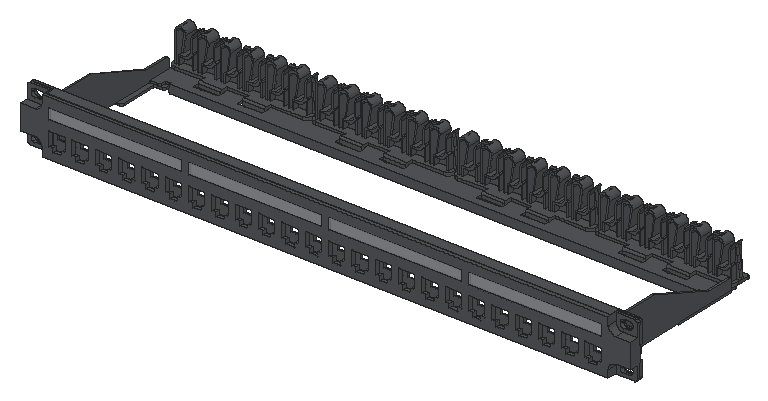
Revit family "Patch panel", category Equipement spécialisé, Revit 2020 (continued)
Automatic sketch dimensions
  plane 492 to Extrusion 138 sketch curve = 2.8 mm
  Extrusion 138 sketch curve to plane 12 = 2.575 mm  (x2)
  Extrusion 138 sketch curve to Extrusion 138 sketch curve = 2.34 mm
  Extrusion 138 sketch curve to Extrusion 138 sketch curve = 0 mm  (x2)
  Extrusion 138 sketch curve to Extrusion 138 sketch curve = 1.215 mm
  Extrusion 138 sketch curve to plane 28 = 0.25 mm
  plane 44 to Extrusion 138 sketch curve = 3.067 mm
  Extrusion 138 sketch curve to Extrusion 138 sketch curve = 1.628 mm
  plane 44 to Extrusion 139 sketch curve = 3.439 mm
  Extrusion 139 sketch curve to plane 484 = 17.06 mm
  plane 11 to Extrusion 139 sketch curve = 0.356 mm
  Extrusion 139 sketch curve to Extrusion 139 sketch curve = 2.249 mm
  Extrusion 139 sketch curve to Extrusion 139 sketch curve = 0.291 mm
  Extrusion 139 sketch curve to plane 28 = 1.718 mm
  Extrusion 139 sketch curve to Extrusion 139 sketch curve = 0.591 mm
  Extrusion 139 sketch curve to Extrusion 139 sketch curve = 2.84 mm
  Extrusion 139 sketch curve to plane 28 = 0.95 mm
  Extrusion 139 sketch curve to Extrusion 139 sketch curve = 0.36 mm
  Extrusion 139 sketch curve to plane 28 = 0.25 mm  (x2)
  Extrusion 139 sketch curve to Extrusion 139 sketch curve = 0.84 mm
  Extrusion 139 sketch curve to Extrusion 139 sketch curve = 1.2 mm  (x2)
  Extrusion 139 sketch curve to Extrusion 139 sketch curve = 0.3 mm
  plane 27 to Extrusion 139 sketch curve = 0.225 mm
  Extrusion 139 sketch curve to Extrusion 139 sketch curve = 5.7 mm
  Extrusion 139 sketch curve to plane 12 = 2.575 mm  (x2)
  Extrusion 139 sketch curve to Extrusion 139 sketch curve = 3.8 mm
  plane 27 to Extrusion 139 sketch curve = 0.425 mm
  Extrusion 139 sketch curve to Extrusion 139 sketch curve = 1.535 mm
  Extrusion 139 sketch curve to Extrusion 139 sketch curve = 0 mm
  Extrusion 139 sketch curve to Extrusion 139 sketch curve = 1.215 mm
  plane 44 to Extrusion 139 sketch curve = 2.017 mm
  Extrusion 139 sketch curve to Extrusion 139 sketch curve = 1.628 mm
  plane 27 to Extrusion 140 sketch curve = 0.425 mm
  Extrusion 140 sketch curve to Extrusion 140 sketch curve = 1.76 mm
  plane 27 to Extrusion 140 sketch curve = 0.225 mm
  Extrusion 140 sketch curve to Extrusion 140 sketch curve = 1.2 mm  (x2)
  Extrusion 140 sketch curve to plane 28 = 0.25 mm  (x2)
  Extrusion 140 sketch curve to Extrusion 140 sketch curve = 3.8 mm
  Extrusion 140 sketch curve to plane 484 = 3.4 mm
  Extrusion 140 sketch curve to plane 484 = 3.1 mm  (x2)
  Extrusion 140 sketch curve to Extrusion 140 sketch curve = 0.2 mm
  Extrusion 140 sketch curve to plane 28 = 0.95 mm
  Extrusion 140 sketch curve to Extrusion 140 sketch curve = 0.64 mm
  Extrusion 140 sketch curve to plane 484 = 1.9 mm
  Extrusion 140 sketch curve to Extrusion 140 sketch curve = 0.3 mm
  plane 11 to Extrusion 140 sketch curve = 0.356 mm
  Extrusion 140 sketch curve to Extrusion 140 sketch curve = 0.291 mm
  plane 484 to Extrusion 140 sketch curve = 0.94 mm
  Extrusion 140 sketch curve to plane 12 = 2.575 mm
  Extrusion 140 sketch curve to Extrusion 140 sketch curve = 0 mm  (x2)
  Extrusion 140 sketch curve to Extrusion 140 sketch curve = 1.215 mm
  plane 44 to Extrusion 140 sketch curve = 2.017 mm
  plane 44 to Extrusion 140 sketch curve = 3.439 mm
  Extrusion 140 sketch curve to Extrusion 140 sketch curve = 1.628 mm
  plane 44 to Extrusion 141 sketch curve = 3.439 mm
  Extrusion 141 sketch curve to plane 243 = 8.192 mm
  plane 11 to Extrusion 141 sketch curve = 0.356 mm
  Extrusion 141 sketch curve to Extrusion 141 sketch curve = 2.249 mm
  Extrusion 141 sketch curve to Extrusion 141 sketch curve = 0.291 mm
  Extrusion 141 sketch curve to plane 28 = 1.718 mm
  Extrusion 141 sketch curve to Extrusion 141 sketch curve = 0.591 mm
  Extrusion 141 sketch curve to Extrusion 141 sketch curve = 2.84 mm
  Extrusion 141 sketch curve to plane 28 = 0.95 mm
  Extrusion 141 sketch curve to Extrusion 141 sketch curve = 0.36 mm
  Extrusion 141 sketch curve to plane 28 = 0.25 mm  (x2)
  Extrusion 141 sketch curve to Extrusion 141 sketch curve = 0.84 mm
  Extrusion 141 sketch curve to Extrusion 141 sketch curve = 1.2 mm  (x2)
  Extrusion 141 sketch curve to Extrusion 141 sketch curve = 0.3 mm
  plane 27 to Extrusion 141 sketch curve = 0.225 mm
  Extrusion 141 sketch curve to Extrusion 141 sketch curve = 5.7 mm
  plane 484 to Extrusion 141 sketch curve = 5.1 mm
  plane 27 to Extrusion 141 sketch curve = 0.425 mm
  Extrusion 141 sketch curve to Extrusion 141 sketch curve = 1.76 mm
  Extrusion 141 sketch curve to plane 12 = 2.575 mm
  Extrusion 141 sketch curve to Extrusion 141 sketch curve = 0 mm  (x2)
  Extrusion 141 sketch curve to Extrusion 141 sketch curve = 1.215 mm
  plane 44 to Extrusion 141 sketch curve = 2.017 mm
  Extrusion 141 sketch curve to Extrusion 141 sketch curve = 1.628 mm
  plane 27 to Extrusion 142 sketch curve = 0.425 mm
  Extrusion 142 sketch curve to Extrusion 142 sketch curve = 1.76 mm
  plane 27 to Extrusion 142 sketch curve = 0.225 mm
  Extrusion 142 sketch curve to Extrusion 142 sketch curve = 1.2 mm  (x3)
  Extrusion 142 sketch curve to plane 243 = 0.232 mm
  plane 243 to Extrusion 142 sketch curve = 5.468 mm
  Extrusion 142 sketch curve to plane 12 = 2.575 mm  (x2)
  plane 243 to Extrusion 142 sketch curve = 5.768 mm  (x2)
  plane 44 to Extrusion 142 sketch curve = 2.017 mm
  Extrusion 142 sketch curve to Extrusion 142 sketch curve = 0.2 mm
  Extrusion 142 sketch curve to plane 28 = 0.95 mm
  Extrusion 142 sketch curve to Extrusion 142 sketch curve = 0.64 mm
  Extrusion 142 sketch curve to Extrusion 142 sketch curve = 0.3 mm
  plane 11 to Extrusion 142 sketch curve = 0.356 mm
  Extrusion 142 sketch curve to Extrusion 142 sketch curve = 0.291 mm
  Extrusion 142 sketch curve to plane 39 = 2.425 mm
  Extrusion 142 sketch curve to Extrusion 142 sketch curve = 0 mm
  Extrusion 142 sketch curve to Extrusion 142 sketch curve = 1.215 mm
  Extrusion 142 sketch curve to plane 28 = 0.25 mm  (x2)
  plane 44 to Extrusion 142 sketch curve = 3.439 mm
  Extrusion 142 sketch curve to Extrusion 142 sketch curve = 1.628 mm
  Extrusion 143 sketch curve to plane 14 = 0.4 mm
  Extrusion 143 sketch curve to plane 38 = 2.065 mm
  Extrusion 143 sketch curve to plane 38 = 2.21 mm
  Extrusion 143 sketch curve to plane 28 = 0.95 mm
  Extrusion 143 sketch curve to Extrusion 143 sketch curve = 0.36 mm
  Extrusion 143 sketch curve to Extrusion 143 sketch curve = 0.64 mm
  Extrusion 143 sketch curve to plane 28 = 0.25 mm  (x2)
  Extrusion 143 sketch curve to Extrusion 143 sketch curve = 0.84 mm
  Extrusion 143 sketch curve to Extrusion 143 sketch curve = 1.2 mm
  Extrusion 143 sketch curve to Extrusion 143 sketch curve = 0.3 mm
  Extrusion 143 sketch curve to plane 43 = 0.135 mm
  plane 39 to Extrusion 143 sketch curve = 1.735 mm
  plane 39 to Extrusion 143 sketch curve = 0.535 mm
  plane 27 to Extrusion 143 sketch curve = 0.425 mm
  Extrusion 143 sketch curve to plane 39 = 1.225 mm
  plane 27 to Extrusion 143 sketch curve = 0.225 mm
  Extrusion 143 sketch curve to plane 12 = 2.575 mm  (x2)
  Extrusion 143 sketch curve to Extrusion 143 sketch curve = 0 mm
  Extrusion 143 sketch curve to Extrusion 143 sketch curve = 1.215 mm
  plane 44 to Extrusion 143 sketch curve = 2.017 mm
  Extrusion 143 sketch curve to Extrusion 143 sketch curve = 2.681 mm
  plane 582 to Extrusion 144 sketch curve = 2.257 mm
  Extrusion 144 sketch curve to Extrusion 144 sketch curve = 4.833 mm
  plane 44 to Extrusion 144 sketch curve = 3.067 mm
  plane 44 to Extrusion 144 sketch curve = 5.117 mm
  Extrusion 144 sketch curve to Extrusion 144 sketch curve = 1 mm
  Extrusion 144 sketch curve to Extrusion 144 sketch curve = 1.2 mm
  Extrusion 144 sketch curve to Extrusion 144 sketch curve = 0 mm
  plane 583 to Extrusion 145 sketch curve = 2.257 mm
  Extrusion 145 sketch curve to Extrusion 145 sketch curve = 4.833 mm
  plane 44 to Extrusion 145 sketch curve = 3.067 mm
  plane 44 to Extrusion 145 sketch curve = 5.117 mm
  Extrusion 145 sketch curve to Extrusion 145 sketch curve = 1 mm
  Extrusion 145 sketch curve to Extrusion 145 sketch curve = 1.2 mm
  Extrusion 145 sketch curve to Extrusion 145 sketch curve = 0 mm
  plane 484 to Extrusion 146 sketch curve = 0.357 mm
  plane 484 to Extrusion 146 sketch curve = 5.19 mm
  plane 44 to Extrusion 146 sketch curve = 3.067 mm
  plane 44 to Extrusion 146 sketch curve = 5.117 mm
  Extrusion 146 sketch curve to Extrusion 146 sketch curve = 1 mm
  Extrusion 146 sketch curve to Extrusion 146 sketch curve = 1.2 mm
  Extrusion 146 sketch curve to Extrusion 146 sketch curve = 0 mm
  plane 585 to Extrusion 147 sketch curve = 2.257 mm
  Extrusion 147 sketch curve to plane 243 = 3.942 mm
  plane 44 to Extrusion 147 sketch curve = 3.067 mm
  plane 44 to Extrusion 147 sketch curve = 5.117 mm
  Extrusion 147 sketch curve to Extrusion 147 sketch curve = 1 mm
  Extrusion 147 sketch curve to Extrusion 147 sketch curve = 1.2 mm
  Extrusion 147 sketch curve to Extrusion 147 sketch curve = 0 mm
  plane 586 to Extrusion 148 sketch curve = 2.257 mm
  plane 39 to Extrusion 148 sketch curve = 1.825 mm
  plane 44 to Extrusion 148 sketch curve = 3.067 mm
  plane 44 to Extrusion 148 sketch curve = 5.117 mm
  Extrusion 148 sketch curve to Extrusion 148 sketch curve = 1 mm
  Extrusion 148 sketch curve to Extrusion 148 sketch curve = 1.2 mm
  Extrusion 148 sketch curve to Extrusion 148 sketch curve = 0 mm
  Extrusion 149 sketch curve to Extrusion 149 sketch curve = 2 mm
  Extrusion 149 sketch curve to Extrusion 149 sketch curve = 5 mm
  Extrusion 149 sketch curve to Extrusion 67 = 1 mm
  Extrusion 67 to Extrusion 149 sketch curve = 0.15 mm
  plane 41 to Extrusion 150 sketch curve = 1.267 mm
  Extrusion 150 sketch curve to plane 478 = 14.465 mm
  Extrusion 150 sketch curve to Extrusion 150 sketch curve = 1.5 mm  (x2)
  Extrusion 150 sketch curve to Extrusion 150 sketch curve = 0.5 mm
  Extrusion 150 sketch curve to Extrusion 150 sketch curve = 2.5 mm
  plane 41 to Extrusion 150 sketch curve = 0.767 mm
  Extrusion 150 sketch curve to plane 41 = 1.233 mm
  Extrusion 150 sketch curve to plane 41 = 1.733 mm
  plane 41 to Extrusion 151 sketch curve = 1.267 mm
  Extrusion 151 sketch curve to plane 478 = 14.465 mm
  Extrusion 151 sketch curve to Extrusion 151 sketch curve = 1.5 mm  (x2)
  Extrusion 151 sketch curve to Extrusion 151 sketch curve = 0.5 mm  (x2)
  Extrusion 151 sketch curve to Extrusion 151 sketch curve = 2.5 mm
  plane 41 to Extrusion 151 sketch curve = 0.767 mm
  Extrusion 151 sketch curve to plane 41 = 1.233 mm
  Extrusion 152 sketch curve to plane 594 = 0 mm
  plane 41 to Extrusion 152 sketch curve = 0.766 mm
  Extrusion 154 sketch curve to plane 598 = 0 mm
  plane 399 to Extrusion 154 sketch curve = 0.535 mm
  Extrusion 154 sketch curve to plane 599 = 2.5 mm
  Extrusion 155 sketch curve to plane 602 = 0 mm
  plane 41 to Extrusion 155 sketch curve = 0.766 mm
  Extrusion 157 sketch curve to plane 605 = 0 mm
  plane 399 to Extrusion 157 sketch curve = 0.535 mm
  Extrusion 157 sketch curve to plane 606 = 2.5 mm
  Extrusion 158 sketch curve to Extrusion 158 sketch curve = 0 mm  (x2)
  Extrusion 158 sketch curve to plane 609 = 0 mm
  Extrusion 158 sketch curve to plane 611 = 0 mm
  plane 611 to Extrusion 158 sketch curve = 0 mm
  Extrusion 158 sketch curve to plane 615 = 0 mm  (x2)
  plane 619 to Extrusion 158 sketch curve = 0.3 mm
  Extrusion 158 sketch curve to plane 609 = 0.36 mm
  plane 611 to Extrusion 158 sketch curve = 0.2 mm
  Extrusion 158 sketch curve to plane 611 = 0.3 mm
  plane 615 to Extrusion 158 sketch curve = 0.465 mm
  plane 595 to Extrusion 158 sketch curve = 3.3 mm
  Extrusion 158 sketch curve to plane 28 = 0.25 mm  (x2)
  plane 595 to Extrusion 158 sketch curve = 2.8 mm
  Extrusion 158 sketch curve to plane 608 = 0.42 mm
  Extrusion 158 sketch curve to Extrusion 158 sketch curve = 1.189 mm
  plane 28 to Extrusion 158 sketch curve = 0.95 mm
  plane 595 to Extrusion 158 sketch curve = 1.5 mm
  plane 595 to Extrusion 158 sketch curve = 0.311 mm
  Extrusion 158 sketch curve to plane 616 = 0.2 mm
  Extrusion 158 sketch curve to plane 12 = 2.575 mm  (x2)
  Extrusion 158 sketch curve to Extrusion 158 sketch curve = 1.215 mm
  Extrusion 159 sketch curve to Extrusion 159 sketch curve = 0 mm  (x2)
  Extrusion 159 sketch curve to plane 622 = 0 mm
  Extrusion 159 sketch curve to plane 624 = 0 mm
  plane 624 to Extrusion 159 sketch curve = 0 mm
  Extrusion 159 sketch curve to plane 628 = 0 mm  (x2)
  plane 632 to Extrusion 159 sketch curve = 0.3 mm
  Extrusion 159 sketch curve to plane 622 = 0.36 mm
  plane 624 to Extrusion 159 sketch curve = 0.2 mm
  Extrusion 159 sketch curve to plane 624 = 0.3 mm
  plane 628 to Extrusion 159 sketch curve = 0.465 mm
  plane 629 to Extrusion 159 sketch curve = 4.3 mm
  Extrusion 159 sketch curve to plane 28 = 0.25 mm  (x2)
  plane 629 to Extrusion 159 sketch curve = 3.8 mm
  Extrusion 159 sketch curve to plane 621 = 0.42 mm
  Extrusion 159 sketch curve to Extrusion 159 sketch curve = 1.189 mm
  plane 28 to Extrusion 159 sketch curve = 0.95 mm
  Extrusion 159 sketch curve to Extrusion 159 sketch curve = 0.1 mm
  Extrusion 159 sketch curve to plane 632 = 1.163 mm
  Extrusion 159 sketch curve to plane 629 = 0.2 mm
  Extrusion 159 sketch curve to plane 12 = 2.575 mm  (x2)
  Extrusion 159 sketch curve to Extrusion 159 sketch curve = 1.215 mm
  Extrusion 160 sketch curve to Extrusion 160 sketch curve = 0 mm  (x2)
  Extrusion 160 sketch curve to plane 635 = 0 mm
  Extrusion 160 sketch curve to plane 637 = 0 mm
  plane 637 to Extrusion 160 sketch curve = 0 mm
  Extrusion 160 sketch curve to plane 641 = 0 mm  (x2)
  plane 645 to Extrusion 160 sketch curve = 0.3 mm
  Extrusion 160 sketch curve to plane 635 = 0.36 mm
  plane 637 to Extrusion 160 sketch curve = 0.2 mm
  Extrusion 160 sketch curve to plane 637 = 0.3 mm
  plane 641 to Extrusion 160 sketch curve = 0.465 mm
  plane 642 to Extrusion 160 sketch curve = 4.3 mm
  Extrusion 160 sketch curve to plane 28 = 0.25 mm  (x2)
  plane 642 to Extrusion 160 sketch curve = 3.8 mm
  Extrusion 160 sketch curve to plane 634 = 0.42 mm
  Extrusion 160 sketch curve to Extrusion 160 sketch curve = 1.189 mm
  plane 28 to Extrusion 160 sketch curve = 0.95 mm
  Extrusion 160 sketch curve to Extrusion 160 sketch curve = 0.1 mm
  Extrusion 160 sketch curve to plane 645 = 1.163 mm
  Extrusion 160 sketch curve to plane 642 = 0.2 mm
  Extrusion 160 sketch curve to plane 12 = 2.575 mm  (x2)
  Extrusion 160 sketch curve to Extrusion 160 sketch curve = 1.215 mm
  Extrusion 161 sketch curve to Extrusion 161 sketch curve = 0 mm  (x2)
  Extrusion 161 sketch curve to plane 648 = 0 mm
  Extrusion 161 sketch curve to plane 650 = 0 mm
  plane 650 to Extrusion 161 sketch curve = 0 mm
  Extrusion 161 sketch curve to plane 654 = 0 mm  (x2)
  plane 658 to Extrusion 161 sketch curve = 0.3 mm
  Extrusion 161 sketch curve to plane 648 = 0.36 mm
  plane 650 to Extrusion 161 sketch curve = 0.2 mm
  Extrusion 161 sketch curve to plane 650 = 0.3 mm
  plane 654 to Extrusion 161 sketch curve = 0.465 mm
  plane 655 to Extrusion 161 sketch curve = 4.3 mm
  Extrusion 161 sketch curve to plane 28 = 0.25 mm  (x2)
  plane 655 to Extrusion 161 sketch curve = 3.8 mm
  Extrusion 161 sketch curve to plane 647 = 0.42 mm
  Extrusion 161 sketch curve to Extrusion 161 sketch curve = 1.189 mm
  plane 28 to Extrusion 161 sketch curve = 0.95 mm
  Extrusion 161 sketch curve to Extrusion 161 sketch curve = 0.1 mm
  Extrusion 161 sketch curve to plane 658 = 1.163 mm
  Extrusion 161 sketch curve to plane 655 = 0.2 mm
  Extrusion 161 sketch curve to plane 12 = 2.575 mm  (x2)
  Extrusion 161 sketch curve to Extrusion 161 sketch curve = 1.215 mm
  Extrusion 162 sketch curve to Extrusion 162 sketch curve = 0 mm  (x2)
  Extrusion 162 sketch curve to plane 661 = 0 mm
  Extrusion 162 sketch curve to plane 663 = 0 mm
  plane 663 to Extrusion 162 sketch curve = 0 mm
  Extrusion 162 sketch curve to plane 667 = 0 mm  (x2)
  plane 671 to Extrusion 162 sketch curve = 0.3 mm
  Extrusion 162 sketch curve to plane 661 = 0.36 mm
  plane 663 to Extrusion 162 sketch curve = 0.2 mm
  Extrusion 162 sketch curve to plane 663 = 0.3 mm
  plane 667 to Extrusion 162 sketch curve = 0.465 mm
  plane 668 to Extrusion 162 sketch curve = 4.3 mm
  Extrusion 162 sketch curve to plane 28 = 0.25 mm  (x2)
  plane 668 to Extrusion 162 sketch curve = 3.8 mm
  Extrusion 162 sketch curve to plane 660 = 0.42 mm
  Extrusion 162 sketch curve to Extrusion 162 sketch curve = 1.189 mm
  plane 28 to Extrusion 162 sketch curve = 0.95 mm
  Extrusion 162 sketch curve to Extrusion 162 sketch curve = 0.1 mm
  Extrusion 162 sketch curve to plane 671 = 1.163 mm
  Extrusion 162 sketch curve to plane 668 = 0.2 mm
  Extrusion 162 sketch curve to plane 12 = 2.575 mm  (x2)
  Extrusion 162 sketch curve to Extrusion 162 sketch curve = 1.215 mm
  Extrusion 163 sketch curve to Extrusion 163 sketch curve = 0 mm  (x2)
  Extrusion 163 sketch curve to plane 674 = 0 mm
  Extrusion 163 sketch curve to plane 676 = 0 mm
  plane 676 to Extrusion 163 sketch curve = 0 mm
  Extrusion 163 sketch curve to plane 680 = 0 mm  (x2)
  plane 684 to Extrusion 163 sketch curve = 0.3 mm
  Extrusion 163 sketch curve to plane 674 = 0.36 mm
  plane 676 to Extrusion 163 sketch curve = 0.2 mm
  Extrusion 163 sketch curve to plane 676 = 0.3 mm
  plane 680 to Extrusion 163 sketch curve = 0.465 mm
  plane 681 to Extrusion 163 sketch curve = 4.3 mm
  Extrusion 163 sketch curve to plane 28 = 0.25 mm  (x2)
  plane 681 to Extrusion 163 sketch curve = 3.8 mm
  Extrusion 163 sketch curve to plane 673 = 0.42 mm
  Extrusion 163 sketch curve to Extrusion 163 sketch curve = 1.189 mm
  plane 28 to Extrusion 163 sketch curve = 0.95 mm
  Extrusion 163 sketch curve to Extrusion 163 sketch curve = 0.1 mm
  Extrusion 163 sketch curve to plane 684 = 1.163 mm
  Extrusion 163 sketch curve to plane 681 = 0.2 mm
  Extrusion 163 sketch curve to plane 12 = 2.575 mm  (x2)
  Extrusion 163 sketch curve to Extrusion 163 sketch curve = 1.215 mm
  plane 11 to Extrusion 164 sketch curve = 0.429 mm
  Extrusion 164 sketch curve to Extrusion 164 sketch curve = 1.5 mm
  plane 11 to Extrusion 164 sketch curve = 0.356 mm
  Extrusion 164 sketch curve to Extrusion 164 sketch curve = 0.291 mm
  Extrusion 164 sketch curve to Extrusion 164 sketch curve = 2.84 mm
  Extrusion 164 sketch curve to plane 28 = 0.95 mm
  Extrusion 164 sketch curve to Extrusion 164 sketch curve = 1 mm
  Extrusion 164 sketch curve to Extrusion 164 sketch curve = 0.3 mm
  plane 595 to Extrusion 164 sketch curve = 2.8 mm
  Extrusion 164 sketch curve to plane 12 = 2.575 mm  (x2)
  Extrusion 164 sketch curve to Extrusion 164 sketch curve = 2.34 mm
  Extrusion 164 sketch curve to Extrusion 164 sketch curve = 0 mm  (x2)
  Extrusion 164 sketch curve to Extrusion 164 sketch curve = 1.215 mm
  Extrusion 164 sketch curve to plane 28 = 0.25 mm
  plane 44 to Extrusion 164 sketch curve = 3.067 mm
  Extrusion 164 sketch curve to Extrusion 164 sketch curve = 1.628 mm
  plane 44 to Extrusion 165 sketch curve = 3.439 mm
  plane 595 to Extrusion 165 sketch curve = 30.84 mm
  plane 11 to Extrusion 165 sketch curve = 0.356 mm
  Extrusion 165 sketch curve to Extrusion 165 sketch curve = 2.249 mm
  Extrusion 165 sketch curve to Extrusion 165 sketch curve = 0.291 mm
  Extrusion 165 sketch curve to plane 28 = 1.718 mm
  Extrusion 165 sketch curve to Extrusion 165 sketch curve = 0.591 mm
  Extrusion 165 sketch curve to Extrusion 165 sketch curve = 2.84 mm
  Extrusion 165 sketch curve to plane 28 = 0.95 mm
  Extrusion 165 sketch curve to Extrusion 165 sketch curve = 0.36 mm
  Extrusion 165 sketch curve to plane 28 = 0.25 mm  (x2)
  Extrusion 165 sketch curve to Extrusion 165 sketch curve = 0.84 mm
  Extrusion 165 sketch curve to Extrusion 165 sketch curve = 1.2 mm  (x2)
  Extrusion 165 sketch curve to Extrusion 165 sketch curve = 0.3 mm
  plane 27 to Extrusion 165 sketch curve = 0.225 mm
  Extrusion 165 sketch curve to Extrusion 165 sketch curve = 5.7 mm
  Extrusion 165 sketch curve to plane 12 = 2.575 mm  (x2)
  Extrusion 165 sketch curve to Extrusion 165 sketch curve = 3.8 mm
  plane 27 to Extrusion 165 sketch curve = 0.425 mm
  Extrusion 165 sketch curve to Extrusion 165 sketch curve = 1.535 mm
  Extrusion 165 sketch curve to Extrusion 165 sketch curve = 0 mm
  Extrusion 165 sketch curve to Extrusion 165 sketch curve = 1.215 mm
  plane 44 to Extrusion 165 sketch curve = 2.017 mm
  Extrusion 165 sketch curve to Extrusion 165 sketch curve = 1.628 mm
  plane 27 to Extrusion 166 sketch curve = 0.425 mm
  Extrusion 166 sketch curve to Extrusion 166 sketch curve = 1.76 mm
  plane 27 to Extrusion 166 sketch curve = 0.225 mm
  Extrusion 166 sketch curve to Extrusion 166 sketch curve = 1.2 mm  (x3)
  Extrusion 166 sketch curve to plane 28 = 0.25 mm  (x2)
  Extrusion 166 sketch curve to Extrusion 166 sketch curve = 3.8 mm
  Extrusion 166 sketch curve to Extrusion 166 sketch curve = 5.7 mm
  Extrusion 166 sketch curve to plane 12 = 2.575 mm  (x2)
  Extrusion 166 sketch curve to Extrusion 166 sketch curve = 6 mm  (x2)
  plane 44 to Extrusion 166 sketch curve = 2.017 mm
  Extrusion 166 sketch curve to Extrusion 166 sketch curve = 0.2 mm
  Extrusion 166 sketch curve to plane 28 = 0.95 mm
  Extrusion 166 sketch curve to Extrusion 166 sketch curve = 0.64 mm
  plane 44 to Extrusion 166 sketch curve = 5.067 mm
  Extrusion 166 sketch curve to Extrusion 166 sketch curve = 0.3 mm
  plane 11 to Extrusion 166 sketch curve = 0.356 mm
  Extrusion 166 sketch curve to Extrusion 166 sketch curve = 0.291 mm
  Extrusion 166 sketch curve to Extrusion 166 sketch curve = 2.84 mm
  Extrusion 166 sketch curve to Extrusion 166 sketch curve = 0 mm
  Extrusion 166 sketch curve to Extrusion 166 sketch curve = 1.215 mm
  Extrusion 166 sketch curve to Extrusion 166 sketch curve = 1.628 mm
  plane 44 to Extrusion 167 sketch curve = 3.439 mm
  plane 10 to Extrusion 167 sketch curve = 34.76 mm
  plane 11 to Extrusion 167 sketch curve = 0.356 mm
  Extrusion 167 sketch curve to Extrusion 167 sketch curve = 2.249 mm
  Extrusion 167 sketch curve to Extrusion 167 sketch curve = 0.291 mm
  Extrusion 167 sketch curve to plane 28 = 1.718 mm
  Extrusion 167 sketch curve to Extrusion 167 sketch curve = 0.591 mm
  Extrusion 167 sketch curve to Extrusion 167 sketch curve = 2.84 mm
  Extrusion 167 sketch curve to plane 28 = 0.95 mm
  Extrusion 167 sketch curve to Extrusion 167 sketch curve = 0.36 mm
  Extrusion 167 sketch curve to plane 28 = 0.25 mm  (x2)
  Extrusion 167 sketch curve to Extrusion 167 sketch curve = 0.84 mm
  Extrusion 167 sketch curve to Extrusion 167 sketch curve = 1.2 mm  (x2)
  Extrusion 167 sketch curve to Extrusion 167 sketch curve = 0.3 mm
  plane 27 to Extrusion 167 sketch curve = 0.225 mm
  Extrusion 167 sketch curve to Extrusion 167 sketch curve = 5.7 mm
  Extrusion 167 sketch curve to plane 12 = 2.575 mm  (x2)
  Extrusion 167 sketch curve to Extrusion 167 sketch curve = 3.8 mm
  plane 27 to Extrusion 167 sketch curve = 0.425 mm
  Extrusion 167 sketch curve to Extrusion 167 sketch curve = 1.76 mm
  Extrusion 167 sketch curve to Extrusion 167 sketch curve = 0 mm
  Extrusion 167 sketch curve to Extrusion 167 sketch curve = 1.215 mm
  plane 44 to Extrusion 167 sketch curve = 2.017 mm
  Extrusion 167 sketch curve to Extrusion 167 sketch curve = 1.628 mm
  plane 27 to Extrusion 168 sketch curve = 0.425 mm
  Extrusion 168 sketch curve to Extrusion 168 sketch curve = 1.76 mm
  plane 27 to Extrusion 168 sketch curve = 0.225 mm
  Extrusion 168 sketch curve to Extrusion 168 sketch curve = 1.2 mm  (x3)
  Extrusion 168 sketch curve to plane 28 = 0.25 mm  (x2)
  Extrusion 168 sketch curve to Extrusion 168 sketch curve = 3.8 mm
  Extrusion 168 sketch curve to Extrusion 168 sketch curve = 5.7 mm
  Extrusion 168 sketch curve to plane 12 = 2.575 mm  (x2)
  Extrusion 168 sketch curve to Extrusion 168 sketch curve = 6 mm  (x2)
  plane 44 to Extrusion 168 sketch curve = 2.017 mm
  Extrusion 168 sketch curve to Extrusion 168 sketch curve = 0.2 mm
  Extrusion 168 sketch curve to plane 28 = 0.95 mm
  Extrusion 168 sketch curve to Extrusion 168 sketch curve = 0.64 mm
  plane 44 to Extrusion 168 sketch curve = 5.067 mm
  Extrusion 168 sketch curve to Extrusion 168 sketch curve = 0.3 mm
  plane 11 to Extrusion 168 sketch curve = 0.356 mm
  Extrusion 168 sketch curve to Extrusion 168 sketch curve = 0.291 mm
  Extrusion 168 sketch curve to Extrusion 168 sketch curve = 2.84 mm
  Extrusion 168 sketch curve to Extrusion 168 sketch curve = 0 mm
  Extrusion 168 sketch curve to Extrusion 168 sketch curve = 1.215 mm
  Extrusion 168 sketch curve to Extrusion 168 sketch curve = 1.628 mm
  Extrusion 169 sketch curve to plane 587 = 0 mm
  plane 10 to Extrusion 169 sketch curve = 1.6 mm
  plane 10 to Extrusion 169 sketch curve = 1.745 mm
  Extrusion 169 sketch curve to plane 28 = 0.95 mm
  Extrusion 169 sketch curve to Extrusion 169 sketch curve = 0.36 mm
  Extrusion 169 sketch curve to Extrusion 169 sketch curve = 0.64 mm
  Extrusion 169 sketch curve to plane 28 = 0.25 mm  (x2)
  Extrusion 169 sketch curve to Extrusion 169 sketch curve = 0.84 mm
  Extrusion 169 sketch curve to Extrusion 169 sketch curve = 1.2 mm  (x2)
  Extrusion 169 sketch curve to Extrusion 169 sketch curve = 0.3 mm
  plane 27 to Extrusion 169 sketch curve = 0.225 mm
  Extrusion 169 sketch curve to Extrusion 169 sketch curve = 5.7 mm
  Extrusion 169 sketch curve to plane 12 = 2.575 mm
  Extrusion 169 sketch curve to Extrusion 169 sketch curve = 3.8 mm
  plane 27 to Extrusion 169 sketch curve = 0.425 mm
  Extrusion 169 sketch curve to Extrusion 169 sketch curve = 1.76 mm
  Extrusion 169 sketch curve to Extrusion 169 sketch curve = 0 mm  (x2)
  Extrusion 169 sketch curve to Extrusion 169 sketch curve = 1.215 mm
  plane 44 to Extrusion 169 sketch curve = 2.017 mm
  Extrusion 169 sketch curve to Extrusion 169 sketch curve = 2.681 mm
  plane 685 to Extrusion 170 sketch curve = 2.257 mm
  Extrusion 170 sketch curve to Extrusion 170 sketch curve = 4.833 mm
  plane 44 to Extrusion 170 sketch curve = 3.067 mm
  plane 44 to Extrusion 170 sketch curve = 5.117 mm
  Extrusion 170 sketch curve to Extrusion 170 sketch curve = 1 mm
  Extrusion 170 sketch curve to Extrusion 170 sketch curve = 1.2 mm
  Extrusion 170 sketch curve to Extrusion 170 sketch curve = 0 mm
  plane 686 to Extrusion 171 sketch curve = 2.257 mm
  Extrusion 171 sketch curve to Extrusion 171 sketch curve = 4.833 mm
  plane 44 to Extrusion 171 sketch curve = 3.067 mm
  plane 44 to Extrusion 171 sketch curve = 5.117 mm
  Extrusion 171 sketch curve to Extrusion 171 sketch curve = 1 mm
  Extrusion 171 sketch curve to Extrusion 171 sketch curve = 1.2 mm
  Extrusion 171 sketch curve to Extrusion 171 sketch curve = 0 mm
  plane 687 to Extrusion 172 sketch curve = 2.257 mm
  Extrusion 172 sketch curve to Extrusion 172 sketch curve = 4.833 mm
  plane 44 to Extrusion 172 sketch curve = 3.067 mm
  plane 44 to Extrusion 172 sketch curve = 5.117 mm
  Extrusion 172 sketch curve to Extrusion 172 sketch curve = 1 mm
  Extrusion 172 sketch curve to Extrusion 172 sketch curve = 1.2 mm
  Extrusion 172 sketch curve to Extrusion 172 sketch curve = 0 mm
  plane 688 to Extrusion 173 sketch curve = 2.257 mm
  Extrusion 173 sketch curve to Extrusion 173 sketch curve = 4.833 mm
  plane 44 to Extrusion 173 sketch curve = 3.067 mm
  plane 44 to Extrusion 173 sketch curve = 5.117 mm
  Extrusion 173 sketch curve to Extrusion 173 sketch curve = 1 mm
  Extrusion 173 sketch curve to Extrusion 173 sketch curve = 1.2 mm
  Extrusion 173 sketch curve to Extrusion 173 sketch curve = 0 mm
  plane 689 to Extrusion 174 sketch curve = 2.257 mm
  Extrusion 174 sketch curve to Extrusion 174 sketch curve = 4.833 mm
  plane 44 to Extrusion 174 sketch curve = 3.067 mm
  plane 44 to Extrusion 174 sketch curve = 5.117 mm
  Extrusion 174 sketch curve to Extrusion 174 sketch curve = 1 mm
  Extrusion 174 sketch curve to Extrusion 174 sketch curve = 1.2 mm
  Extrusion 174 sketch curve to Extrusion 174 sketch curve = 0 mm
  Extrusion 175 sketch curve to Extrusion 175 sketch curve = 2 mm  (x2)
  Extrusion 175 sketch curve to Extrusion 175 sketch curve = 5 mm
  Extrusion 175 sketch curve to Extrusion 67 = 1 mm
  plane 41 to Extrusion 176 sketch curve = 1.267 mm
  Extrusion 176 sketch curve to plane 478 = 14.465 mm
  Extrusion 176 sketch curve to Extrusion 176 sketch curve = 1.5 mm  (x2)
  Extrusion 176 sketch curve to Extrusion 176 sketch curve = 0.5 mm
  Extrusion 176 sketch curve to Extrusion 176 sketch curve = 2.5 mm
  plane 41 to Extrusion 176 sketch curve = 0.767 mm
  Extrusion 176 sketch curve to plane 41 = 1.233 mm
  Extrusion 176 sketch curve to plane 41 = 1.733 mm
  plane 41 to Extrusion 177 sketch curve = 1.267 mm
  Extrusion 177 sketch curve to plane 478 = 14.465 mm
  Extrusion 177 sketch curve to Extrusion 177 sketch curve = 1.5 mm  (x2)
  Extrusion 177 sketch curve to Extrusion 177 sketch curve = 0.5 mm  (x2)
  Extrusion 177 sketch curve to Extrusion 177 sketch curve = 2.5 mm
  plane 41 to Extrusion 177 sketch curve = 0.767 mm
  Extrusion 177 sketch curve to plane 41 = 1.233 mm
  Extrusion 178 sketch curve to plane 696 = 0 mm
  plane 41 to Extrusion 178 sketch curve = 0.766 mm
  Extrusion 180 sketch curve to plane 700 = 0 mm
  plane 399 to Extrusion 180 sketch curve = 0.535 mm
  Extrusion 180 sketch curve to plane 701 = 2.5 mm
  Extrusion 181 sketch curve to plane 704 = 0 mm
  plane 41 to Extrusion 181 sketch curve = 0.766 mm
  Extrusion 183 sketch curve to plane 707 = 0 mm
  plane 399 to Extrusion 183 sketch curve = 0.535 mm
  Extrusion 183 sketch curve to plane 708 = 2.5 mm
  Extrusion 184 sketch curve to Extrusion 184 sketch curve = 0 mm  (x2)
  Extrusion 184 sketch curve to plane 711 = 0 mm
  Extrusion 184 sketch curve to plane 713 = 0 mm
  plane 713 to Extrusion 184 sketch curve = 0 mm
  Extrusion 184 sketch curve to plane 717 = 0 mm  (x2)
  plane 721 to Extrusion 184 sketch curve = 0.3 mm
  Extrusion 184 sketch curve to plane 711 = 0.36 mm
  plane 713 to Extrusion 184 sketch curve = 0.2 mm
  Extrusion 184 sketch curve to plane 713 = 0.3 mm
  plane 717 to Extrusion 184 sketch curve = 0.465 mm
  plane 697 to Extrusion 184 sketch curve = 3.3 mm
  Extrusion 184 sketch curve to plane 28 = 0.25 mm  (x2)
  plane 697 to Extrusion 184 sketch curve = 2.8 mm
  Extrusion 184 sketch curve to plane 710 = 0.42 mm
  Extrusion 184 sketch curve to Extrusion 184 sketch curve = 1.189 mm
  plane 28 to Extrusion 184 sketch curve = 0.95 mm
  plane 697 to Extrusion 184 sketch curve = 1.5 mm
  plane 697 to Extrusion 184 sketch curve = 0.311 mm
  Extrusion 184 sketch curve to plane 718 = 0.2 mm
  Extrusion 184 sketch curve to plane 12 = 2.575 mm  (x2)
  Extrusion 184 sketch curve to Extrusion 184 sketch curve = 1.215 mm
  Extrusion 185 sketch curve to Extrusion 185 sketch curve = 0 mm  (x2)
  Extrusion 185 sketch curve to plane 724 = 0 mm
  Extrusion 185 sketch curve to plane 726 = 0 mm
  plane 726 to Extrusion 185 sketch curve = 0 mm
  Extrusion 185 sketch curve to plane 730 = 0 mm  (x2)
  plane 734 to Extrusion 185 sketch curve = 0.3 mm
  Extrusion 185 sketch curve to plane 724 = 0.36 mm
  plane 726 to Extrusion 185 sketch curve = 0.2 mm
  Extrusion 185 sketch curve to plane 726 = 0.3 mm
  plane 730 to Extrusion 185 sketch curve = 0.465 mm
  plane 731 to Extrusion 185 sketch curve = 4.3 mm
  Extrusion 185 sketch curve to plane 28 = 0.25 mm  (x2)
  plane 731 to Extrusion 185 sketch curve = 3.8 mm
  Extrusion 185 sketch curve to plane 723 = 0.42 mm
  Extrusion 185 sketch curve to Extrusion 185 sketch curve = 1.189 mm
  plane 28 to Extrusion 185 sketch curve = 0.95 mm
  Extrusion 185 sketch curve to Extrusion 185 sketch curve = 0.1 mm
  Extrusion 185 sketch curve to plane 734 = 1.163 mm
  Extrusion 185 sketch curve to plane 731 = 0.2 mm
  Extrusion 185 sketch curve to plane 12 = 2.575 mm  (x2)
  Extrusion 185 sketch curve to Extrusion 185 sketch curve = 1.215 mm
  Extrusion 186 sketch curve to Extrusion 186 sketch curve = 0 mm  (x2)
  Extrusion 186 sketch curve to plane 737 = 0 mm
  Extrusion 186 sketch curve to plane 739 = 0 mm
  plane 739 to Extrusion 186 sketch curve = 0 mm
  Extrusion 186 sketch curve to plane 743 = 0 mm  (x2)
  plane 747 to Extrusion 186 sketch curve = 0.3 mm
  Extrusion 186 sketch curve to plane 737 = 0.36 mm
  plane 739 to Extrusion 186 sketch curve = 0.2 mm
  Extrusion 186 sketch curve to plane 739 = 0.3 mm
  plane 743 to Extrusion 186 sketch curve = 0.465 mm
  plane 744 to Extrusion 186 sketch curve = 4.3 mm
  Extrusion 186 sketch curve to plane 28 = 0.25 mm  (x2)
  plane 744 to Extrusion 186 sketch curve = 3.8 mm
  Extrusion 186 sketch curve to plane 736 = 0.42 mm
  Extrusion 186 sketch curve to Extrusion 186 sketch curve = 1.189 mm
  plane 28 to Extrusion 186 sketch curve = 0.95 mm
  Extrusion 186 sketch curve to Extrusion 186 sketch curve = 0.1 mm
  Extrusion 186 sketch curve to plane 747 = 1.163 mm
  Extrusion 186 sketch curve to plane 744 = 0.2 mm
  Extrusion 186 sketch curve to plane 12 = 2.575 mm  (x2)
  Extrusion 186 sketch curve to Extrusion 186 sketch curve = 1.215 mm
  Extrusion 187 sketch curve to Extrusion 187 sketch curve = 0 mm  (x2)
  Extrusion 187 sketch curve to plane 750 = 0 mm
  Extrusion 187 sketch curve to plane 752 = 0 mm
  plane 752 to Extrusion 187 sketch curve = 0 mm
  Extrusion 187 sketch curve to plane 756 = 0 mm  (x2)
  plane 760 to Extrusion 187 sketch curve = 0.3 mm
  Extrusion 187 sketch curve to plane 750 = 0.36 mm
  plane 752 to Extrusion 187 sketch curve = 0.2 mm
  Extrusion 187 sketch curve to plane 752 = 0.3 mm
  plane 756 to Extrusion 187 sketch curve = 0.465 mm
  plane 757 to Extrusion 187 sketch curve = 4.3 mm
  Extrusion 187 sketch curve to plane 28 = 0.25 mm  (x2)
  plane 757 to Extrusion 187 sketch curve = 3.8 mm
  Extrusion 187 sketch curve to plane 749 = 0.42 mm
  Extrusion 187 sketch curve to Extrusion 187 sketch curve = 1.189 mm
  plane 28 to Extrusion 187 sketch curve = 0.95 mm
  Extrusion 187 sketch curve to Extrusion 187 sketch curve = 0.1 mm
  Extrusion 187 sketch curve to plane 760 = 1.163 mm
  Extrusion 187 sketch curve to plane 757 = 0.2 mm
  Extrusion 187 sketch curve to plane 12 = 2.575 mm  (x2)
  Extrusion 187 sketch curve to Extrusion 187 sketch curve = 1.215 mm
  Extrusion 188 sketch curve to Extrusion 188 sketch curve = 0 mm  (x2)
  Extrusion 188 sketch curve to plane 763 = 0 mm
  Extrusion 188 sketch curve to plane 765 = 0 mm
  plane 765 to Extrusion 188 sketch curve = 0 mm
  Extrusion 188 sketch curve to plane 769 = 0 mm  (x2)
  plane 773 to Extrusion 188 sketch curve = 0.3 mm
  Extrusion 188 sketch curve to plane 763 = 0.36 mm
  plane 765 to Extrusion 188 sketch curve = 0.2 mm
  Extrusion 188 sketch curve to plane 765 = 0.3 mm
  plane 769 to Extrusion 188 sketch curve = 0.465 mm
  plane 770 to Extrusion 188 sketch curve = 4.3 mm
  Extrusion 188 sketch curve to plane 28 = 0.25 mm  (x2)
  plane 770 to Extrusion 188 sketch curve = 3.8 mm
  Extrusion 188 sketch curve to plane 762 = 0.42 mm
  Extrusion 188 sketch curve to Extrusion 188 sketch curve = 1.189 mm
  plane 28 to Extrusion 188 sketch curve = 0.95 mm
  Extrusion 188 sketch curve to Extrusion 188 sketch curve = 0.1 mm
  Extrusion 188 sketch curve to plane 773 = 1.163 mm
  Extrusion 188 sketch curve to plane 770 = 0.2 mm
  Extrusion 188 sketch curve to plane 12 = 2.575 mm  (x2)
  Extrusion 188 sketch curve to Extrusion 188 sketch curve = 1.215 mm
  Extrusion 189 sketch curve to Extrusion 189 sketch curve = 0 mm  (x2)
  Extrusion 189 sketch curve to plane 776 = 0 mm
  Extrusion 189 sketch curve to plane 778 = 0 mm
  plane 778 to Extrusion 189 sketch curve = 0 mm
  Extrusion 189 sketch curve to plane 782 = 0 mm  (x2)
  plane 786 to Extrusion 189 sketch curve = 0.3 mm
  Extrusion 189 sketch curve to plane 776 = 0.36 mm
  plane 778 to Extrusion 189 sketch curve = 0.2 mm
  Extrusion 189 sketch curve to plane 778 = 0.3 mm
  plane 782 to Extrusion 189 sketch curve = 0.465 mm
  plane 783 to Extrusion 189 sketch curve = 4.3 mm
  Extrusion 189 sketch curve to plane 28 = 0.25 mm  (x2)
  plane 783 to Extrusion 189 sketch curve = 3.8 mm
  Extrusion 189 sketch curve to plane 775 = 0.42 mm
  Extrusion 189 sketch curve to Extrusion 189 sketch curve = 1.189 mm
  plane 28 to Extrusion 189 sketch curve = 0.95 mm
  Extrusion 189 sketch curve to Extrusion 189 sketch curve = 0.1 mm
  Extrusion 189 sketch curve to plane 786 = 1.163 mm
  Extrusion 189 sketch curve to plane 783 = 0.2 mm
  Extrusion 189 sketch curve to plane 12 = 2.575 mm  (x2)
  Extrusion 189 sketch curve to Extrusion 189 sketch curve = 1.215 mm
  plane 11 to Extrusion 190 sketch curve = 0.429 mm
  Extrusion 190 sketch curve to Extrusion 190 sketch curve = 1.5 mm
  plane 11 to Extrusion 190 sketch curve = 0.356 mm
  Extrusion 190 sketch curve to Extrusion 190 sketch curve = 0.291 mm
  Extrusion 190 sketch curve to Extrusion 190 sketch curve = 2.84 mm
  Extrusion 190 sketch curve to plane 28 = 0.95 mm
  Extrusion 190 sketch curve to Extrusion 190 sketch curve = 1 mm
  Extrusion 190 sketch curve to Extrusion 190 sketch curve = 0.3 mm
  plane 697 to Extrusion 190 sketch curve = 2.8 mm
  plane 14 to Extrusion 190 sketch curve = 1.2 mm
  Extrusion 190 sketch curve to plane 12 = 2.575 mm
  Extrusion 190 sketch curve to Extrusion 190 sketch curve = 0 mm  (x3)
  Extrusion 190 sketch curve to Extrusion 190 sketch curve = 1.215 mm
  Extrusion 190 sketch curve to plane 28 = 0.25 mm
  plane 44 to Extrusion 190 sketch curve = 3.067 mm
  Extrusion 190 sketch curve to Extrusion 190 sketch curve = 1.628 mm
  plane 44 to Extrusion 191 sketch curve = 3.439 mm
  plane 697 to Extrusion 191 sketch curve = 30.84 mm
  plane 11 to Extrusion 191 sketch curve = 0.356 mm
  Extrusion 191 sketch curve to Extrusion 191 sketch curve = 2.249 mm
  Extrusion 191 sketch curve to Extrusion 191 sketch curve = 0.291 mm
  Extrusion 191 sketch curve to plane 28 = 1.718 mm
  Extrusion 191 sketch curve to Extrusion 191 sketch curve = 0.591 mm
  Extrusion 191 sketch curve to Extrusion 191 sketch curve = 2.84 mm
  Extrusion 191 sketch curve to plane 28 = 0.95 mm
  Extrusion 191 sketch curve to Extrusion 191 sketch curve = 0.36 mm
  Extrusion 191 sketch curve to plane 28 = 0.25 mm  (x2)
  Extrusion 191 sketch curve to Extrusion 191 sketch curve = 0.84 mm
  Extrusion 191 sketch curve to Extrusion 191 sketch curve = 1.2 mm  (x2)
  Extrusion 191 sketch curve to Extrusion 191 sketch curve = 0.3 mm
  plane 27 to Extrusion 191 sketch curve = 0.225 mm
  Extrusion 191 sketch curve to Extrusion 191 sketch curve = 5.7 mm
  Extrusion 191 sketch curve to plane 12 = 2.575 mm  (x2)
  Extrusion 191 sketch curve to Extrusion 191 sketch curve = 3.8 mm
  plane 27 to Extrusion 191 sketch curve = 0.425 mm
  Extrusion 191 sketch curve to Extrusion 191 sketch curve = 1.535 mm
  Extrusion 191 sketch curve to Extrusion 191 sketch curve = 0 mm
  Extrusion 191 sketch curve to Extrusion 191 sketch curve = 1.215 mm
  plane 44 to Extrusion 191 sketch curve = 2.017 mm
  Extrusion 191 sketch curve to Extrusion 191 sketch curve = 1.628 mm
  plane 27 to Extrusion 192 sketch curve = 0.425 mm
  Extrusion 192 sketch curve to Extrusion 192 sketch curve = 1.76 mm
  plane 27 to Extrusion 192 sketch curve = 0.225 mm
  Extrusion 192 sketch curve to Extrusion 192 sketch curve = 1.2 mm  (x3)
  Extrusion 192 sketch curve to plane 28 = 0.25 mm  (x2)
  Extrusion 192 sketch curve to Extrusion 192 sketch curve = 3.8 mm
  Extrusion 192 sketch curve to Extrusion 192 sketch curve = 5.7 mm
  Extrusion 192 sketch curve to plane 12 = 2.575 mm  (x2)
  Extrusion 192 sketch curve to Extrusion 192 sketch curve = 6 mm  (x2)
  plane 44 to Extrusion 192 sketch curve = 2.017 mm
  Extrusion 192 sketch curve to Extrusion 192 sketch curve = 0.2 mm
  Extrusion 192 sketch curve to plane 28 = 0.95 mm
  Extrusion 192 sketch curve to Extrusion 192 sketch curve = 0.64 mm
  plane 44 to Extrusion 192 sketch curve = 5.067 mm
  Extrusion 192 sketch curve to Extrusion 192 sketch curve = 0.3 mm
  plane 11 to Extrusion 192 sketch curve = 0.356 mm
  Extrusion 192 sketch curve to Extrusion 192 sketch curve = 0.291 mm
  Extrusion 192 sketch curve to Extrusion 192 sketch curve = 2.84 mm
  Extrusion 192 sketch curve to Extrusion 192 sketch curve = 0 mm
  Extrusion 192 sketch curve to Extrusion 192 sketch curve = 1.215 mm
  Extrusion 192 sketch curve to Extrusion 192 sketch curve = 1.628 mm
  plane 44 to Extrusion 193 sketch curve = 3.439 mm
  Extrusion 193 sketch curve to plane 595 = 44.66 mm
  plane 11 to Extrusion 193 sketch curve = 0.356 mm
  Extrusion 193 sketch curve to Extrusion 193 sketch curve = 2.249 mm
  Extrusion 193 sketch curve to Extrusion 193 sketch curve = 0.291 mm
  Extrusion 193 sketch curve to plane 28 = 1.718 mm
  Extrusion 193 sketch curve to Extrusion 193 sketch curve = 0.591 mm
  Extrusion 193 sketch curve to Extrusion 193 sketch curve = 2.84 mm
  Extrusion 193 sketch curve to plane 28 = 0.95 mm
  Extrusion 193 sketch curve to Extrusion 193 sketch curve = 0.36 mm
  Extrusion 193 sketch curve to plane 28 = 0.25 mm  (x2)
  Extrusion 193 sketch curve to Extrusion 193 sketch curve = 0.84 mm
  Extrusion 193 sketch curve to Extrusion 193 sketch curve = 1.2 mm  (x2)
  Extrusion 193 sketch curve to Extrusion 193 sketch curve = 0.3 mm
  plane 27 to Extrusion 193 sketch curve = 0.225 mm
  Extrusion 193 sketch curve to Extrusion 193 sketch curve = 5.7 mm
  Extrusion 193 sketch curve to plane 12 = 2.575 mm  (x2)
  Extrusion 193 sketch curve to Extrusion 193 sketch curve = 3.8 mm
  plane 27 to Extrusion 193 sketch curve = 0.425 mm
  Extrusion 193 sketch curve to Extrusion 193 sketch curve = 1.76 mm
  Extrusion 193 sketch curve to Extrusion 193 sketch curve = 0 mm
  Extrusion 193 sketch curve to Extrusion 193 sketch curve = 1.215 mm
  plane 44 to Extrusion 193 sketch curve = 2.017 mm
  Extrusion 193 sketch curve to Extrusion 193 sketch curve = 1.628 mm
  plane 27 to Extrusion 194 sketch curve = 0.425 mm
  Extrusion 194 sketch curve to Extrusion 194 sketch curve = 1.76 mm
  plane 27 to Extrusion 194 sketch curve = 0.225 mm
  Extrusion 194 sketch curve to Extrusion 194 sketch curve = 1.2 mm  (x3)
  Extrusion 194 sketch curve to plane 28 = 0.25 mm  (x2)
  Extrusion 194 sketch curve to Extrusion 194 sketch curve = 3.8 mm
  Extrusion 194 sketch curve to Extrusion 194 sketch curve = 5.7 mm
  Extrusion 194 sketch curve to plane 12 = 2.575 mm  (x2)
  Extrusion 194 sketch curve to Extrusion 194 sketch curve = 6 mm  (x2)
  plane 44 to Extrusion 194 sketch curve = 2.017 mm
  Extrusion 194 sketch curve to Extrusion 194 sketch curve = 0.2 mm
  Extrusion 194 sketch curve to plane 28 = 0.95 mm
  Extrusion 194 sketch curve to Extrusion 194 sketch curve = 0.64 mm
  plane 44 to Extrusion 194 sketch curve = 5.067 mm
  Extrusion 194 sketch curve to Extrusion 194 sketch curve = 0.3 mm
  plane 11 to Extrusion 194 sketch curve = 0.356 mm
  Extrusion 194 sketch curve to Extrusion 194 sketch curve = 0.291 mm
  Extrusion 194 sketch curve to Extrusion 194 sketch curve = 2.84 mm
  Extrusion 194 sketch curve to Extrusion 194 sketch curve = 0 mm
  Extrusion 194 sketch curve to Extrusion 194 sketch curve = 1.215 mm
  Extrusion 194 sketch curve to Extrusion 194 sketch curve = 1.628 mm
  Extrusion 195 sketch curve to plane 12 = 2.575 mm  (x2)
  Extrusion 195 sketch curve to plane 595 = 8 mm
  Extrusion 195 sketch curve to Extrusion 195 sketch curve = 3.5 mm
  plane 44 to Extrusion 195 sketch curve = 4.698 mm
  Extrusion 195 sketch curve to plane 595 = 11.645 mm
  Extrusion 195 sketch curve to plane 28 = 0.95 mm
  Extrusion 195 sketch curve to Extrusion 195 sketch curve = 0.36 mm
  Extrusion 195 sketch curve to Extrusion 195 sketch curve = 0.64 mm
  Extrusion 195 sketch curve to plane 28 = 0.25 mm  (x2)
  Extrusion 195 sketch curve to Extrusion 195 sketch curve = 0.84 mm
  Extrusion 195 sketch curve to Extrusion 195 sketch curve = 1.2 mm  (x2)
  Extrusion 195 sketch curve to Extrusion 195 sketch curve = 0.3 mm
  plane 27 to Extrusion 195 sketch curve = 0.225 mm
  Extrusion 195 sketch curve to Extrusion 195 sketch curve = 5.7 mm
  Extrusion 195 sketch curve to Extrusion 195 sketch curve = 3.8 mm
  plane 27 to Extrusion 195 sketch curve = 0.425 mm
  Extrusion 195 sketch curve to Extrusion 195 sketch curve = 1.76 mm
  Extrusion 195 sketch curve to Extrusion 195 sketch curve = 0 mm
  Extrusion 195 sketch curve to Extrusion 195 sketch curve = 1.215 mm
  plane 44 to Extrusion 195 sketch curve = 2.017 mm
  plane 787 to Extrusion 196 sketch curve = 2.257 mm
  Extrusion 196 sketch curve to Extrusion 196 sketch curve = 4.833 mm
  plane 44 to Extrusion 196 sketch curve = 3.067 mm
  plane 44 to Extrusion 196 sketch curve = 5.117 mm
  Extrusion 196 sketch curve to Extrusion 196 sketch curve = 1 mm
  Extrusion 196 sketch curve to Extrusion 196 sketch curve = 1.2 mm
  Extrusion 196 sketch curve to Extrusion 196 sketch curve = 0 mm
  plane 788 to Extrusion 197 sketch curve = 2.257 mm
  Extrusion 197 sketch curve to Extrusion 197 sketch curve = 4.833 mm
  plane 44 to Extrusion 197 sketch curve = 3.067 mm
  plane 44 to Extrusion 197 sketch curve = 5.117 mm
  Extrusion 197 sketch curve to Extrusion 197 sketch curve = 1 mm
  Extrusion 197 sketch curve to Extrusion 197 sketch curve = 1.2 mm
  Extrusion 197 sketch curve to Extrusion 197 sketch curve = 0 mm
  plane 789 to Extrusion 198 sketch curve = 2.257 mm
  Extrusion 198 sketch curve to Extrusion 198 sketch curve = 4.833 mm
  plane 44 to Extrusion 198 sketch curve = 3.067 mm
  plane 44 to Extrusion 198 sketch curve = 5.117 mm
  Extrusion 198 sketch curve to Extrusion 198 sketch curve = 1 mm
  Extrusion 198 sketch curve to Extrusion 198 sketch curve = 1.2 mm
  Extrusion 198 sketch curve to Extrusion 198 sketch curve = 0 mm
  plane 790 to Extrusion 199 sketch curve = 2.257 mm
  Extrusion 199 sketch curve to Extrusion 199 sketch curve = 4.833 mm
  plane 44 to Extrusion 199 sketch curve = 3.067 mm
  plane 44 to Extrusion 199 sketch curve = 5.117 mm
  Extrusion 199 sketch curve to Extrusion 199 sketch curve = 1 mm
  Extrusion 199 sketch curve to Extrusion 199 sketch curve = 1.2 mm
  Extrusion 199 sketch curve to Extrusion 199 sketch curve = 0 mm
  plane 791 to Extrusion 200 sketch curve = 2.257 mm
  Extrusion 200 sketch curve to Extrusion 200 sketch curve = 4.833 mm
  plane 44 to Extrusion 200 sketch curve = 3.067 mm
  plane 44 to Extrusion 200 sketch curve = 5.117 mm
  Extrusion 200 sketch curve to Extrusion 200 sketch curve = 1 mm
  Extrusion 200 sketch curve to Extrusion 200 sketch curve = 1.2 mm
  Extrusion 200 sketch curve to Extrusion 200 sketch curve = 0 mm
